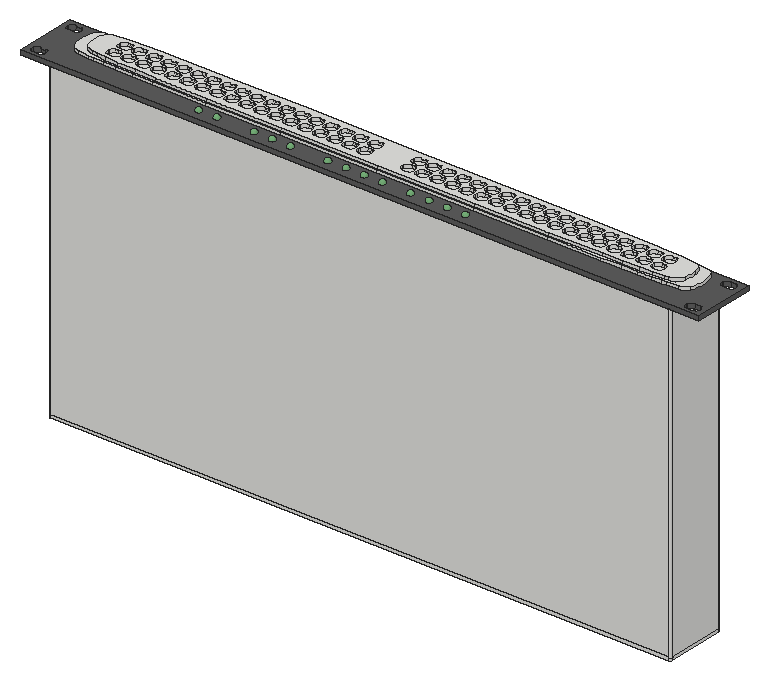
Revit family "Electronics_Expansion-Inputs_Biamp_Vocia_Voice-Over-IP-Interface_VOIP-1__", category Communication Devices, host Face, Revit 2020
Family settings
  Host = Face
  Maintain Annotation Orientation = No
  Round Connector Dimension = Use Diameter
  Part Type = Normal
  OmniClass Number = 23.85.10.11.14
  OmniClass Title = Audio Equipment
  Cut with Voids When Loaded = No
  Shared = No
  Room Calculation Point = No
Parameters (values of type "VOIP-1")
  Width = 19.02"  # constant formula
  Weight = 2.40 lbf  # constant formula
  Voltage = 24 V
  Supported Codecs = "G.711µ G.711A G.722 G.729AB  G.723.1"  # constant formula
  Sample Rate = "8kHz – 16kHz"  # constant formula
  Frequency Response = "Codec Dependen"  # constant formula
  URL = "https://www.biamp.com/"
  Temperature Range = "18 - 108° F (-8  –  42° C)"  # constant formula
  QoS = "Tos (RFC 791) 802.1 p/q"  # constant formula
  Product data url = "https://www.bimobject.com/biamp/product/vocia-voip-1_expansion-input"
  Product Page URL = "https://www.biamp.com/products/product-families/vocia/vocia-expansion-inputs#vocia-voip-1"
  Product Documentation Link = "https://downloads.biamp.com/assets/docs/default-source/data-sheets/biamp_data_sheet_vocia_voip-1_oct18.pdf"
  Power Factor = 1
  Number of Poles = 1
  Network Connection = "Dual RJ-45 with shielded Ethernet (CAT5, CAT5e, CAT6, or CAT7)"  # constant formula
  Network Audio = "20-bits, 48kHz, 5-1/3ms (fixed)"  # constant formula
  Model = "Vocia VOIP-1"  # constant formula
  Max Power Consumption = 30 W
  Manufacturer = "Biamp"  # constant formula
  IP Address Assignment = "Static or DHCP"  # constant formula
  Humidity = "0-95% relative humidity (non-condensing)"  # constant formula
  Housing Material = Biamp - Metal - Silver
  Height = 1.73"  # constant formula
  Features = "SIP v2 (RFC 3261 and companion RFCs) SIP Authentication"  # constant formula
  Description = "Vocia® VOIP-1 Voice Over IP Interface"  # constant formula
  Depth = 8.98"  # constant formula
  Default Elevation = 48.00"
  Connector Description = "24V DC; <100mV Ripple (Max 30W)"  # constant formula
  Compliance = "FCC Part 15B (USA) CE marked (Europe) RCM (Australia) EAC (Eurasian Customs Union) RoHS Directive (Europe)"  # constant formula
  Assembly Code = ""
  Apparent Load = Max Power Consumption / Power Factor  # 30 VA
  Altitude = "0-10,000 ft (0-3000m) MSL"  # constant formula
Reference planes (in)
  plane 1 "Center (Front/Back)": y = 0
  plane 2: z = 0
  plane 3 "Center (Left/Right)": x = 0
  plane 4: z = 0
  plane 5: y = 0.62232
  plane 6: x = 18.34401
  plane 7: y = -0.62232
Dimensions and locks (in)
  plane 4 to level = 0.00"
  aligned and locked: plane 2 to host face
  aligned and locked: level to host face
Nested families (in)
  nested 1: "VOIP-1" at (9.17372, -0.865, -4.35039) x (1, 0, 0) z (0, 1, 0), type "VOIP-1"
Connectors (in)
  electrical at (17.27312, 0.01528, -8.74016)
    settings: on nested 1, index 1, voltage 0 V, apparent load 0 VA, apparent load phase1 0 VA, apparent load phase2 0 VA, apparent load phase3 0 VA, power factor 1, load classification "Other", number of poles 1, system type 5, power factor state 1, is connector primary yes, connector utility no, sub classification motor no, connector description "GND"
  electrical at (14.76312, -0.33882, -8.74016), driven by "Connector Description", driven by "Power Factor", driven by "Apparent Load", driven by "Voltage", driven by "Number of Poles"
    settings: on nested 1, index 2, voltage 24 V, apparent load 30 VA, apparent load phase1 0 VA, apparent load phase2 0 VA, apparent load phase3 0 VA, power factor 1, load classification "Other", number of poles 1, system type 30, power factor state 1, is connector primary no, connector utility no, sub classification motor no, connector description "24V DC; <100mV Ripple (Max 30W)"
  electrical at (13.57437, -0.27383, -8.74016)
    settings: on nested 1, index 3, voltage 0 V, apparent load 0 VA, apparent load phase1 0 VA, apparent load phase2 0 VA, apparent load phase3 0 VA, power factor 1, load classification "Other", number of poles 1, system type 5, power factor state 1, is connector primary no, connector utility no, sub classification motor no, connector description "RJ-45; Primary"
  electrical at (12.88857, -0.27383, -8.74016)
    settings: on nested 1, index 4, voltage 0 V, apparent load 0 VA, apparent load phase1 0 VA, apparent load phase2 0 VA, apparent load phase3 0 VA, power factor 1, load classification "Other", number of poles 1, system type 5, power factor state 1, is connector primary no, connector utility no, sub classification motor no, connector description "RJ-45; Secondary"
  electrical at (10.57312, 0.35119, -8.74016)
    settings: on nested 1, index 7, voltage 0 V, apparent load 0 VA, apparent load phase1 0 VA, apparent load phase2 0 VA, apparent load phase3 0 VA, power factor 1, load classification "Other", number of poles 1, system type 5, power factor state 1, is connector primary no, connector utility no, sub classification motor no, connector description "VoIP 1 Line 1/Line 2"
  electrical at (6.63611, 0.35117, -8.74016)
    settings: on nested 1, index 8, voltage 0 V, apparent load 0 VA, apparent load phase1 0 VA, apparent load phase2 0 VA, apparent load phase3 0 VA, power factor 1, load classification "Other", number of poles 1, system type 5, power factor state 1, is connector primary no, connector utility no, sub classification motor no, connector description "VoIP 2 Line 3/Line 4"
Definition of nested family "VOIP-1"
  Parameters (values of type "VOIP-1")
    Width = 19.01575"
    VOIP-1 visible panel back = yes
    URL = ""
    POTS-1 visible panel back = no
    Model = ""
    Material Table Mount = none
    Material Case = none
    Material 3 = none
    Material 2 = none
    Material 1 = none
    Manufacturer = ""
    Height = 1.73228"
    Description = ""
    Depth = 8.97638"
    Default Elevation = 48.00"
    Assembly Code = ""
  Reference planes (in)
    plane 1 "Center (Front/Back)": y = 0
    plane 2: z = 0
    plane 3 "Center (Left/Right)": x = 0
    plane 4: x = -9.50787
    plane 5: x = 9.50787
    plane 6: y = -4.4685
    plane 7 "1": y = 4.4685
    plane 8: z = 1.73228
    plane 9: z = 0
    plane 10: y = -4.35039
    plane 11: y = -4.50787
    plane 12: x = -8.71061
    plane 13: x = 8.72047
    plane 14: y = -4.42913
    plane 15: y = 4.38976
    plane 16: z = 0.32949
  Forms (in)
    Extrusion 1, solid
      sketch origin (0, 0, 0) x (1, 0, 0) y (0, 1, 0)
        loop
          line (-48, 48) -> (-48, -48) -> (48, -48) -> (48, 48) -> (-48, 48)
      from 0 to -12
    Extrusion 2, solid, material <- "Material Table Mount", detail levels fine
      sketch origin (0, 0, 0) x (1, 0, 0) y (0, 1, 0)
        loop
          line (-9.50787, -4.35039) -> (-9.50787, -4.4685) -> (9.50787, -4.4685) -> (9.50787, -4.35039) -> (-9.50787, -4.35039)
      from 0 to 1.73228
    Extrusion 3, void
      sketch origin (0, 0, 0) x (1, 0, 0) y (0, 0, 1)
        loop
          line (-9.10472, 1.62129) -> (-9.24272, 1.62129)
          arc (-9.24272, 1.62129) -> (-9.32884, 1.58996) -> (-9.37469, 1.51063) r 0.13402
          line (-9.37469, 1.51063) -> (-9.37469, 1.46401)
          arc (-9.37469, 1.46401) -> (-9.32886, 1.38463) -> (-9.24272, 1.35329) r 0.13401
          line (-9.24272, 1.35329) -> (-9.10472, 1.35329)
          arc (-9.10472, 1.35329) -> (-9.0186, 1.38463) -> (-8.97276, 1.46401) r 0.134
          line (-8.97276, 1.46401) -> (-8.97276, 1.51054)
          arc (-8.97276, 1.51054) -> (-9.01859, 1.58993) -> (-9.10472, 1.62129) r 0.13399
        loop
          line (-9.10472, 0.37129) -> (-9.24272, 0.37129)
          arc (-9.24272, 0.37129) -> (-9.32886, 0.33993) -> (-9.37469, 0.26054) r 0.13401
          line (-9.37469, 0.26054) -> (-9.37469, 0.21401)
          arc (-9.37469, 0.21401) -> (-9.32886, 0.13463) -> (-9.24272, 0.10329) r 0.13401
          line (-9.24272, 0.10329) -> (-9.10472, 0.10329)
          arc (-9.10472, 0.10329) -> (-9.0186, 0.13463) -> (-8.97276, 0.21401) r 0.134
          line (-8.97276, 0.21401) -> (-8.97276, 0.26054)
          arc (-8.97276, 0.26054) -> (-9.01859, 0.33993) -> (-9.10472, 0.37129) r 0.13399
        loop
          line (9.23929, 1.62129) -> (9.10129, 1.62129)
          arc (9.10129, 1.62129) -> (9.01516, 1.58993) -> (8.96933, 1.51054) r 0.13399
          line (8.96933, 1.51054) -> (8.96933, 1.46401)
          arc (8.96933, 1.46401) -> (9.01516, 1.38463) -> (9.10129, 1.35329) r 0.134
          line (9.10129, 1.35329) -> (9.23929, 1.35329)
          arc (9.23929, 1.35329) -> (9.32541, 1.38463) -> (9.37124, 1.46401) r 0.134
          line (9.37124, 1.46401) -> (9.37124, 1.51054)
          arc (9.37124, 1.51054) -> (9.32542, 1.58993) -> (9.23929, 1.62129) r 0.13399
        loop
          line (9.23929, 0.37129) -> (9.10129, 0.37129)
          arc (9.10129, 0.37129) -> (9.01516, 0.33993) -> (8.96933, 0.26054) r 0.13399
          line (8.96933, 0.26054) -> (8.96933, 0.21401)
          arc (8.96933, 0.21401) -> (9.01516, 0.13463) -> (9.10129, 0.10329) r 0.134
          line (9.10129, 0.10329) -> (9.23929, 0.10329)
          arc (9.23929, 0.10329) -> (9.32541, 0.13463) -> (9.37124, 0.21401) r 0.134
          line (9.37124, 0.21401) -> (9.37124, 0.26054)
          arc (9.37124, 0.26054) -> (9.32542, 0.33993) -> (9.23929, 0.37129) r 0.13399
      from 4.35039 to 4.4685
    Revolve 4, solid, material <- "Material 2", detail levels fine
      sketch origin (-1.33507, 0, 0.32949) x (-1, 0, 0) y (0, -1, 0)
        loop
          arc (0.94198, 4.4685) -> (0.86324, 4.54724) -> (0.7845, 4.4685) r 0.07874
          line (0.7845, 4.4685) -> (0.94198, 4.4685)
        loop
          arc (1.45383, 4.4685) -> (1.37509, 4.54724) -> (1.29635, 4.4685) r 0.07874
          line (1.29635, 4.4685) -> (1.45383, 4.4685)
        loop
          arc (1.96554, 4.4685) -> (1.8868, 4.54724) -> (1.80806, 4.4685) r 0.07874
          line (1.80806, 4.4685) -> (1.96554, 4.4685)
        loop
          arc (3.00877, 4.4685) -> (2.93003, 4.54724) -> (2.85129, 4.4685) r 0.07874
          line (2.85129, 4.4685) -> (3.00877, 4.4685)
        loop
          arc (3.52117, 4.4685) -> (3.44243, 4.54724) -> (3.36369, 4.4685) r 0.07874
          line (3.36369, 4.4685) -> (3.52117, 4.4685)
        loop
          arc (-0.10114, 4.4685) -> (-0.17988, 4.54724) -> (-0.25862, 4.4685) r 0.07874
          line (-0.25862, 4.4685) -> (-0.10114, 4.4685)
        loop
          arc (-0.61303, 4.4685) -> (-0.69177, 4.54724) -> (-0.77051, 4.4685) r 0.07874
          line (-0.77051, 4.4685) -> (-0.61303, 4.4685)
        loop
          arc (-1.12492, 4.4685) -> (-1.20366, 4.54724) -> (-1.2824, 4.4685) r 0.07874
          line (-1.2824, 4.4685) -> (-1.12492, 4.4685)
        loop
          arc (-1.63689, 4.4685) -> (-1.71563, 4.54724) -> (-1.79437, 4.4685) r 0.07874
          line (-1.79437, 4.4685) -> (-1.63689, 4.4685)
        loop
          arc (-2.42391, 4.4685) -> (-2.50265, 4.54724) -> (-2.58139, 4.4685) r 0.07874
          line (-2.58139, 4.4685) -> (-2.42391, 4.4685)
        loop
          arc (-2.93585, 4.4685) -> (-3.01459, 4.54724) -> (-3.09333, 4.4685) r 0.07874
          line (-3.09333, 4.4685) -> (-2.93585, 4.4685)
        loop
          arc (-3.44779, 4.4685) -> (-3.52653, 4.54724) -> (-3.60527, 4.4685) r 0.07874
          line (-3.60527, 4.4685) -> (-3.44779, 4.4685)
        loop
          arc (-3.96012, 4.4685) -> (-4.03886, 4.54724) -> (-4.1176, 4.4685) r 0.07874
          line (-4.1176, 4.4685) -> (-3.96012, 4.4685)
        axis (3.52117, 4.4685) -> (-4.1176, 4.4685)
      angle from 450 to 270
    Extrusion 5, solid, material <- "Material Case", visible <- "POTS-1 visible panel back", detail levels fine
      sketch origin (0, 0, 0) x (1, 0, 0) y (0, 0, 1)
        loop
          line (8.66142, 1.73228) -> (-8.65156, 1.73228)
          arc (-8.65156, 1.73228) -> (-8.69332, 1.71499) -> (-8.71061, 1.67323) r 0.05906
          line (-8.71061, 1.67323) -> (-8.71061, 0.05906)
          arc (-8.71061, 0.05906) -> (-8.69332, 0.0173) -> (-8.65156, 0) r 0.05906
          line (-8.65156, 0) -> (8.66141, 0)
          arc (8.66141, 0) -> (8.70317, 0.0173) -> (8.72047, 0.05906) r 0.05906
          line (8.72047, 0.05906) -> (8.72047, 1.67323)
          arc (8.72047, 1.67323) -> (8.70318, 1.71499) -> (8.66142, 1.73228) r 0.05906
      from -4.4685 to -4.38976
    Extrusion 6, void, detail levels fine
      sketch origin (0, 0, 0) x (1, 0, 0) y (0, 0, 1)
        loop
          line (-4.89872, 0.94325) -> (-4.31873, 0.94325) -> (-4.31873, 1.52324) -> (-4.89872, 1.52324) -> (-4.89872, 0.94325)
        loop
          line (-4.19874, 0.94325) -> (-3.61872, 0.94325) -> (-3.61872, 1.52324) -> (-4.19874, 1.52324) -> (-4.19874, 0.94325)
        loop
          line (-3.19874, 0.94325) -> (-2.61872, 0.94325) -> (-2.61872, 1.52324) -> (-3.19874, 1.52324) -> (-3.19874, 0.94325)
        loop
          line (-2.49874, 1.52324) -> (-2.49874, 0.94325) -> (-1.91875, 0.94325) -> (-1.91875, 1.52324) -> (-2.49874, 1.52324)
        loop
          line (-0.96174, 0.94325) -> (-0.38172, 0.94325) -> (-0.38172, 1.52324) -> (-0.96174, 1.52324) -> (-0.96174, 0.94325)
        loop
          line (-0.26174, 0.94325) -> (0.31827, 0.94325) -> (0.31827, 1.52324) -> (-0.26174, 1.52324) -> (-0.26174, 0.94325)
        loop
          line (0.73827, 1.52324) -> (0.73827, 0.94325) -> (1.31827, 0.94325) -> (1.31827, 1.52324) -> (0.73827, 1.52324)
        loop
          line (2.01827, 0.94325) -> (2.01827, 1.52324) -> (1.43827, 1.52324) -> (1.43827, 0.94325) -> (2.01827, 0.94325)
        loop
          line (4.64863, 0.82842) -> (4.07776, 0.82842) -> (4.07776, 0.43473) -> (4.64863, 0.43473) -> (4.64863, 0.82842)
        loop
          line (4.0187, 0.82842) -> (3.44784, 0.82842) -> (3.44784, 0.43473) -> (4.0187, 0.43473) -> (4.0187, 0.82842)
        loop
          line (5.17327, 0.75325) -> (5.17327, 0.30325) -> (6.02327, 0.30325) -> (6.02327, 0.75325) -> (5.17327, 0.75325)
        loop
          circle (8.10881, 0.88244) r 0.16554
        loop
          circle (1.59783, 0.51028) r 0.21805
        loop
          circle (2.06829, 0.51028) r 0.21805
      from -4.4685 to -4.38976
    Extrusion 7, solid, material <- "Material Table Mount", detail levels coarse+medium
      sketch origin (0, 0, 0) x (1, 0, 0) y (0, 1, 0)
        loop
          line (-9.50787, -4.4685) -> (9.50787, -4.4685) -> (9.50787, -4.35039) -> (-9.50787, -4.35039) -> (-9.50787, -4.4685)
      from 0 to 1.73228
    Extrusion 8, solid, material <- "Material Case", detail levels medium
      sketch origin (0, 0, 0) x (1, 0, 0) y (0, 0, 1)
        loop
          arc (-8.65202, 1.73228) -> (-8.69345, 1.71512) -> (-8.71061, 1.67369) r 0.05859
          line (-8.71061, 1.67369) -> (-8.71061, 0.05859)
          arc (-8.71061, 0.05859) -> (-8.69345, 0.01716) -> (-8.65202, 0) r 0.05859
          line (-8.65202, 0) -> (8.66188, 0)
          arc (8.66188, 0) -> (8.70331, 0.01716) -> (8.72047, 0.05859) r 0.05859
          line (8.72047, 0.05859) -> (8.72047, 1.67369)
          arc (8.72047, 1.67369) -> (8.70331, 1.71512) -> (8.66188, 1.73228) r 0.05859
          line (8.66188, 1.73228) -> (-8.65202, 1.73228)
      from -4.4685 to 4.35039
    Extrusion 9, solid, material <- "Material Case", detail levels coarse
      sketch origin (0, 0, 0) x (1, 0, 0) y (0, 1, 0)
        loop
          line (-8.71061, 4.4685) -> (-8.71061, -4.35039) -> (8.72047, -4.35039) -> (8.72047, 4.4685) -> (-8.71061, 4.4685)
      from 0 to 1.73228
    Extrusion 10, solid, material <- "Material Case", detail levels fine
      sketch origin (0, 0, 0) x (1, 0, 0) y (0, 0, 1)
        loop
          line (8.66142, 1.73228) -> (-8.65156, 1.73228)
          arc (-8.65156, 1.73228) -> (-8.69332, 1.71499) -> (-8.71061, 1.67323) r 0.05906
          line (-8.71061, 1.67323) -> (-8.71061, 0.05906)
          arc (-8.71061, 0.05906) -> (-8.69332, 0.0173) -> (-8.65156, 0) r 0.05906
          line (-8.65156, 0) -> (8.66188, 0)
          arc (8.66188, 0) -> (8.70331, 0.01716) -> (8.72047, 0.05859) r 0.05859
          line (8.72047, 0.05859) -> (8.72047, 1.67323)
          arc (8.72047, 1.67323) -> (8.70318, 1.71499) -> (8.66142, 1.73228) r 0.05906
      from -4.38976 to 4.35039
    Extrusion 11, solid, material <- "Material Case", visible <- "VOIP-1 visible panel back", detail levels fine
      sketch origin (0, 0, 0) x (1, 0, 0) y (0, 0, 1)
        loop
          line (8.72047, 0.05859) -> (8.72047, 1.67323)
          arc (8.72047, 1.67323) -> (8.70318, 1.71499) -> (8.66142, 1.73228) r 0.05906
          line (8.66142, 1.73228) -> (-8.65156, 1.73228)
          arc (-8.65156, 1.73228) -> (-8.69332, 1.71499) -> (-8.71061, 1.67323) r 0.05906
          line (-8.71061, 1.67323) -> (-8.71061, 0.05906)
          arc (-8.71061, 0.05906) -> (-8.69332, 0.0173) -> (-8.65156, 0) r 0.05906
          line (-8.65156, 0) -> (8.66188, 0)
          arc (8.66188, 0) -> (8.70331, 0.01716) -> (8.72047, 0.05859) r 0.05859
      from -4.4685 to -4.38976
    Extrusion 12, void, detail levels fine
      sketch origin (0, 4.4685, 0) x (1, 0, 0) y (0, 0, 1)
        loop
          line (6.0144, 0.75118) -> (5.1644, 0.75118) -> (5.1644, 0.30117) -> (6.0144, 0.30117) -> (6.0144, 0.75118)
        loop
          arc (7.93404, 0.88028) -> (7.98243, 0.76329) -> (8.0994, 0.71486) r 0.16527
          arc (8.0994, 0.71486) -> (8.21641, 0.76333) -> (8.26475, 0.88041) r 0.16527
          arc (8.26475, 0.88041) -> (8.21629, 0.99724) -> (8.0994, 1.04559) r 0.16525
          arc (8.0994, 1.04559) -> (7.98246, 0.9972) -> (7.93404, 0.88028) r 0.16526
        loop
          line (4.6994, 0.88117) -> (4.1019, 0.88117) -> (4.1019, 0.30117) -> (4.6994, 0.30117) -> (4.6994, 0.88117)
        loop
          line (3.3794, 0.88117) -> (3.3794, 0.30117) -> (4.05028, 0.30117) -> (4.05028, 0.88117) -> (3.3794, 0.88117)
        loop
          arc (2.0594, 0.72668) -> (1.90581, 0.66367) -> (1.84092, 0.51086) r 0.21837
          arc (1.84092, 0.51086) -> (1.90392, 0.35459) -> (2.0594, 0.28967) r 0.21838
          arc (2.0594, 0.28967) -> (2.21425, 0.35395) -> (2.2779, 0.50906) r 0.21838
          arc (2.2779, 0.50906) -> (2.21363, 0.66303) -> (2.0594, 0.72668) r 0.21838
        loop
          arc (1.5894, 0.72668) -> (1.43545, 0.66331) -> (1.37091, 0.50983) r 0.21837
          arc (1.37091, 0.50983) -> (1.43428, 0.35422) -> (1.5894, 0.28967) r 0.21837
          arc (1.5894, 0.28967) -> (1.74532, 0.35503) -> (1.80787, 0.5121) r 0.21839
          arc (1.80787, 0.5121) -> (1.74255, 0.6641) -> (1.5894, 0.72668) r 0.21838
        loop
          line (1.7494, 1.49117) -> (1.0494, 1.49123) -> (1.0494, 0.94118) -> (1.7494, 0.94118) -> (1.7494, 1.49117)
        loop
          line (-2.88761, 1.49117) -> (-2.88761, 0.94118) -> (-2.1876, 0.94118) -> (-2.1876, 1.49117) -> (-2.88761, 1.49117)
      from 0 to 0.07874
    Extrusion 13, solid, material <- "Material 1", detail levels medium+fine
      sketch origin (0.00019, 0.5315, 0) x (1, 0, 0) y (0, 0, 1)
        loop
          spline (-8.64077, 1.5063) -> (-8.65735, 1.45449) -> (-8.67111, 1.39928) -> (-8.68189, 1.34132) -> (-8.68957, 1.2813) -> (-8.69405, 1.21991) -> (-8.69529, 1.15789) -> (-8.69326, 1.09595) -> (-8.688, 1.03483) -> (-8.67956, 0.97524) -> (-8.66804, 0.91788) -> (-8.65359, 0.86344) -> (-8.63636, 0.81254)
          arc (-8.63636, 0.81254) -> (-8.53568, 0.71131) -> (-8.3997, 0.66781) r 0.30126
          line (-8.3997, 0.66781) -> (-8.09718, 0.64647) -> (-7.96202, 0.63909) -> (-7.67946, 0.629) -> (-7.31432, 0.62036) -> (-6.85355, 0.61315) -> (-6.28557, 0.6074) -> (-4.78587, 0.59874) -> (-2.72254, 0.59296) -> (0.00007, 0.59153) -> (2.72124, 0.59296) -> (4.78457, 0.59874) -> (6.28425, 0.6074) -> (6.85225, 0.61315) -> (7.31301, 0.62036) -> (7.67815, 0.629) -> (7.96073, 0.63909) -> (8.10159, 0.64678) -> (8.3997, 0.66781)
          arc (8.3997, 0.66781) -> (8.53568, 0.71131) -> (8.63636, 0.81254) r 0.30126
          spline (8.63636, 0.81254) -> (8.65359, 0.86344) -> (8.66804, 0.91788) -> (8.67956, 0.97524) -> (8.688, 1.03483) -> (8.69326, 1.09595) -> (8.69529, 1.15789) -> (8.69405, 1.21991) -> (8.68957, 1.2813) -> (8.68189, 1.34132) -> (8.67111, 1.39928) -> (8.65735, 1.45449) -> (8.64077, 1.5063)
          arc (8.64077, 1.5063) -> (8.53939, 1.61277) -> (8.3997, 1.65858) r 0.30126
          line (8.3997, 1.65858) -> (8.09857, 1.67982) -> (7.96202, 1.68728) -> (7.67946, 1.69738) -> (7.31432, 1.70603) -> (6.85355, 1.71324) -> (6.28557, 1.71901) -> (4.78587, 1.72765) -> (2.72254, 1.73341) -> (0, 1.73341) -> (-2.72254, 1.73341) -> (-4.78587, 1.72765) -> (-6.28557, 1.71901) -> (-6.85355, 1.71324) -> (-7.31432, 1.70603) -> (-7.67946, 1.69738) -> (-7.96202, 1.68728) -> (-8.09857, 1.67982) -> (-8.3997, 1.65858)
          arc (-8.3997, 1.65858) -> (-8.53939, 1.61277) -> (-8.64077, 1.5063) r 0.30126
      from 5 to 5.07874
    Extrusion 14, solid, material <- "Material 1", detail levels medium+fine
      sketch origin (0.00019, 0.37402, 0) x (1, 0, 0) y (0, 0, 1)
        loop
          spline (-8.37154, 1.29486) -> (-8.37332, 1.26859) -> (-8.37451, 1.24218) -> (-8.37511, 1.21568) -> (-8.37511, 1.18916) -> (-8.37452, 1.16266) -> (-8.37333, 1.13625) -> (-8.37155, 1.10998) -> (-8.36918, 1.08391) -> (-8.36623, 1.05809) -> (-8.36271, 1.03258) -> (-8.35862, 1.00744) -> (-8.35396, 0.98271)
          arc (-8.35396, 0.98271) -> (-8.25757, 0.81591) -> (-8.07982, 0.74163) r 0.30126
          line (-8.07982, 0.74163) -> (-7.95889, 0.72678) -> (-7.67889, 0.69972) -> (-7.31401, 0.68698) -> (-6.85337, 0.67739) -> (-6.28549, 0.66748) -> (-4.78587, 0.64526) -> (-2.72254, 0.63949) -> (0.00007, 0.63805) -> (2.72124, 0.63949) -> (4.78457, 0.64526) -> (6.27228, 0.66588) -> (6.83902, 0.6729) -> (7.31292, 0.68465) -> (7.67104, 0.69942) -> (7.95889, 0.72678) -> (8.07982, 0.74163)
          arc (8.07982, 0.74163) -> (8.25757, 0.81591) -> (8.35396, 0.98271) r 0.30126
          spline (8.35396, 0.98271) -> (8.35862, 1.00744) -> (8.36271, 1.03258) -> (8.36623, 1.05809) -> (8.36918, 1.08391) -> (8.37155, 1.10998) -> (8.37333, 1.13625) -> (8.37452, 1.16266) -> (8.37511, 1.18916) -> (8.37511, 1.21568) -> (8.37451, 1.24218) -> (8.37332, 1.26859) -> (8.37154, 1.29486)
          arc (8.37154, 1.29486) -> (8.2982, 1.49367) -> (8.1122, 1.5952) r 0.30168
          line (8.1122, 1.5952) -> (7.92694, 1.62145) -> (7.67897, 1.63879) -> (7.32026, 1.65132) -> (6.85311, 1.66718) -> (6.28557, 1.68133) -> (4.78587, 1.68997) -> (2.72254, 1.69573) -> (0, 1.69573) -> (-2.72254, 1.69573) -> (-4.78587, 1.68997) -> (-6.28557, 1.67233) -> (-6.84373, 1.66574) -> (-7.31432, 1.65042) -> (-7.67946, 1.63496) -> (-7.92694, 1.62145) -> (-8.1122, 1.5952)
          arc (-8.1122, 1.5952) -> (-8.2982, 1.49367) -> (-8.37154, 1.29486) r 0.30168
        loop
          arc (-7.46372, 1.36914) -> (-7.50281, 1.46352) -> (-7.5972, 1.50262) r 0.13348
          line (-7.5972, 1.50262) -> (-7.68831, 1.50262)
          arc (-7.68831, 1.50262) -> (-7.78269, 1.46352) -> (-7.82179, 1.36914) r 0.13348
          line (-7.82179, 1.36914) -> (-7.82179, 1.32816)
          arc (-7.82179, 1.32816) -> (-7.78088, 1.22938) -> (-7.68211, 1.18847) r 0.13968
          line (-7.68211, 1.18847) -> (-7.6034, 1.18847)
          arc (-7.6034, 1.18847) -> (-7.50463, 1.22938) -> (-7.46372, 1.32816) r 0.13968
          line (-7.46372, 1.32816) -> (-7.46372, 1.36914)
        loop
          arc (-7.05847, 1.36914) -> (-7.09756, 1.46352) -> (-7.19195, 1.50262) r 0.13348
          line (-7.19195, 1.50262) -> (-7.28306, 1.50262)
          arc (-7.28306, 1.50262) -> (-7.37744, 1.46352) -> (-7.41654, 1.36914) r 0.13348
          line (-7.41654, 1.36914) -> (-7.41654, 1.32816)
          arc (-7.41654, 1.32816) -> (-7.37563, 1.22938) -> (-7.27685, 1.18847) r 0.13968
          line (-7.27685, 1.18847) -> (-7.19815, 1.18847)
          arc (-7.19815, 1.18847) -> (-7.09938, 1.22938) -> (-7.05847, 1.32816) r 0.13968
          line (-7.05847, 1.32816) -> (-7.05847, 1.36914)
        loop
          arc (-6.64583, 1.36914) -> (-6.68492, 1.46352) -> (-6.77931, 1.50262) r 0.13348
          line (-6.77931, 1.50262) -> (-6.87042, 1.50262)
          arc (-6.87042, 1.50262) -> (-6.96481, 1.46352) -> (-7.0039, 1.36914) r 0.13348
          line (-7.0039, 1.36914) -> (-7.0039, 1.32816)
          arc (-7.0039, 1.32816) -> (-6.96299, 1.22938) -> (-6.86422, 1.18847) r 0.13968
          line (-6.86422, 1.18847) -> (-6.78551, 1.18847)
          arc (-6.78551, 1.18847) -> (-6.68674, 1.22938) -> (-6.64583, 1.32816) r 0.13968
          line (-6.64583, 1.32816) -> (-6.64583, 1.36914)
        loop
          arc (-6.22965, 1.36914) -> (-6.26875, 1.46352) -> (-6.36313, 1.50262) r 0.13348
          line (-6.36313, 1.50262) -> (-6.45424, 1.50262)
          arc (-6.45424, 1.50262) -> (-6.54863, 1.46352) -> (-6.58773, 1.36914) r 0.13348
          line (-6.58773, 1.36914) -> (-6.58773, 1.32816)
          arc (-6.58773, 1.32816) -> (-6.54681, 1.22938) -> (-6.44804, 1.18847) r 0.13968
          line (-6.44804, 1.18847) -> (-6.36934, 1.18847)
          arc (-6.36934, 1.18847) -> (-6.27057, 1.22938) -> (-6.22965, 1.32816) r 0.13968
          line (-6.22965, 1.32816) -> (-6.22965, 1.36914)
        loop
          arc (-5.81739, 1.36914) -> (-5.85649, 1.46352) -> (-5.95088, 1.50262) r 0.13348
          line (-5.95088, 1.50262) -> (-6.04199, 1.50262)
          arc (-6.04199, 1.50262) -> (-6.13637, 1.46352) -> (-6.17547, 1.36914) r 0.13348
          line (-6.17547, 1.36914) -> (-6.17547, 1.32816)
          arc (-6.17547, 1.32816) -> (-6.13455, 1.22938) -> (-6.03578, 1.18847) r 0.13968
          line (-6.03578, 1.18847) -> (-5.95708, 1.18847)
          arc (-5.95708, 1.18847) -> (-5.85831, 1.22938) -> (-5.81739, 1.32816) r 0.13968
          line (-5.81739, 1.32816) -> (-5.81739, 1.36914)
        loop
          arc (-5.40456, 1.36914) -> (-5.44365, 1.46352) -> (-5.53804, 1.50262) r 0.13348
          line (-5.53804, 1.50262) -> (-5.62915, 1.50262)
          arc (-5.62915, 1.50262) -> (-5.72354, 1.46352) -> (-5.76263, 1.36914) r 0.13348
          line (-5.76263, 1.36914) -> (-5.76263, 1.32816)
          arc (-5.76263, 1.32816) -> (-5.72172, 1.22938) -> (-5.62295, 1.18847) r 0.13968
          line (-5.62295, 1.18847) -> (-5.54424, 1.18847)
          arc (-5.54424, 1.18847) -> (-5.44547, 1.22938) -> (-5.40456, 1.32816) r 0.13968
          line (-5.40456, 1.32816) -> (-5.40456, 1.36914)
        loop
          arc (-4.99172, 1.36914) -> (-5.03081, 1.46352) -> (-5.1252, 1.50262) r 0.13348
          line (-5.1252, 1.50262) -> (-5.21631, 1.50262)
          arc (-5.21631, 1.50262) -> (-5.31069, 1.46352) -> (-5.34979, 1.36914) r 0.13348
          line (-5.34979, 1.36914) -> (-5.34979, 1.32816)
          arc (-5.34979, 1.32816) -> (-5.30888, 1.22938) -> (-5.21011, 1.18847) r 0.13968
          line (-5.21011, 1.18847) -> (-5.1314, 1.18847)
          arc (-5.1314, 1.18847) -> (-5.03263, 1.22938) -> (-4.99172, 1.32816) r 0.13968
          line (-4.99172, 1.32816) -> (-4.99172, 1.36914)
        loop
          arc (-4.57541, 1.36914) -> (-4.61451, 1.46352) -> (-4.70889, 1.50262) r 0.13348
          line (-4.70889, 1.50262) -> (-4.8, 1.50262)
          arc (-4.8, 1.50262) -> (-4.89439, 1.46352) -> (-4.93348, 1.36914) r 0.13348
          line (-4.93348, 1.36914) -> (-4.93348, 1.32816)
          arc (-4.93348, 1.32816) -> (-4.89257, 1.22938) -> (-4.7938, 1.18847) r 0.13968
          line (-4.7938, 1.18847) -> (-4.71509, 1.18847)
          arc (-4.71509, 1.18847) -> (-4.61632, 1.22938) -> (-4.57541, 1.32816) r 0.13968
          line (-4.57541, 1.32816) -> (-4.57541, 1.36914)
        loop
          arc (-4.16257, 1.36914) -> (-4.20167, 1.46352) -> (-4.29606, 1.50262) r 0.13348
          line (-4.29606, 1.50262) -> (-4.38717, 1.50262)
          arc (-4.38717, 1.50262) -> (-4.48155, 1.46352) -> (-4.52065, 1.36914) r 0.13348
          line (-4.52065, 1.36914) -> (-4.52065, 1.32816)
          arc (-4.52065, 1.32816) -> (-4.47973, 1.22938) -> (-4.38096, 1.18847) r 0.13968
          line (-4.38096, 1.18847) -> (-4.30226, 1.18847)
          arc (-4.30226, 1.18847) -> (-4.20349, 1.22938) -> (-4.16257, 1.32816) r 0.13968
          line (-4.16257, 1.32816) -> (-4.16257, 1.36914)
        loop
          arc (-3.7532, 1.36914) -> (-3.7923, 1.46352) -> (-3.88669, 1.50262) r 0.13348
          line (-3.88669, 1.50262) -> (-3.9778, 1.50262)
          arc (-3.9778, 1.50262) -> (-4.07218, 1.46352) -> (-4.11128, 1.36914) r 0.13348
          line (-4.11128, 1.36914) -> (-4.11128, 1.32816)
          arc (-4.11128, 1.32816) -> (-4.07036, 1.22938) -> (-3.97159, 1.18847) r 0.13968
          line (-3.97159, 1.18847) -> (-3.89289, 1.18847)
          arc (-3.89289, 1.18847) -> (-3.79412, 1.22938) -> (-3.7532, 1.32816) r 0.13968
          line (-3.7532, 1.32816) -> (-3.7532, 1.36914)
        loop
          arc (-3.34036, 1.36914) -> (-3.37946, 1.46352) -> (-3.47384, 1.50262) r 0.13348
          line (-3.47384, 1.50262) -> (-3.56495, 1.50262)
          arc (-3.56495, 1.50262) -> (-3.65934, 1.46352) -> (-3.69843, 1.36914) r 0.13348
          line (-3.69843, 1.36914) -> (-3.69843, 1.32816)
          arc (-3.69843, 1.32816) -> (-3.65752, 1.22938) -> (-3.55875, 1.18847) r 0.13968
          line (-3.55875, 1.18847) -> (-3.48005, 1.18847)
          arc (-3.48005, 1.18847) -> (-3.38127, 1.22938) -> (-3.34036, 1.32816) r 0.13968
          line (-3.34036, 1.32816) -> (-3.34036, 1.36914)
        loop
          arc (-2.92405, 1.36914) -> (-2.96315, 1.46352) -> (-3.05754, 1.50262) r 0.13348
          line (-3.05754, 1.50262) -> (-3.14865, 1.50262)
          arc (-3.14865, 1.50262) -> (-3.24303, 1.46352) -> (-3.28213, 1.36914) r 0.13348
          line (-3.28213, 1.36914) -> (-3.28213, 1.32816)
          arc (-3.28213, 1.32816) -> (-3.24121, 1.22938) -> (-3.14244, 1.18847) r 0.13968
          line (-3.14244, 1.18847) -> (-3.06374, 1.18847)
          arc (-3.06374, 1.18847) -> (-2.96497, 1.22938) -> (-2.92405, 1.32816) r 0.13968
          line (-2.92405, 1.32816) -> (-2.92405, 1.36914)
        loop
          arc (-2.51122, 1.36914) -> (-2.55032, 1.46352) -> (-2.6447, 1.50262) r 0.13348
          line (-2.6447, 1.50262) -> (-2.73581, 1.50262)
          arc (-2.73581, 1.50262) -> (-2.8302, 1.46352) -> (-2.86929, 1.36914) r 0.13348
          line (-2.86929, 1.36914) -> (-2.86929, 1.32816)
          arc (-2.86929, 1.32816) -> (-2.82838, 1.22938) -> (-2.72961, 1.18847) r 0.13968
          line (-2.72961, 1.18847) -> (-2.6509, 1.18847)
          arc (-2.6509, 1.18847) -> (-2.55213, 1.22938) -> (-2.51122, 1.32816) r 0.13968
          line (-2.51122, 1.32816) -> (-2.51122, 1.36914)
        loop
          arc (-2.10165, 1.36914) -> (-2.14075, 1.46352) -> (-2.23514, 1.50262) r 0.13348
          line (-2.23514, 1.50262) -> (-2.32625, 1.50262)
          arc (-2.32625, 1.50262) -> (-2.42063, 1.46352) -> (-2.45973, 1.36914) r 0.13348
          line (-2.45973, 1.36914) -> (-2.45973, 1.32816)
          arc (-2.45973, 1.32816) -> (-2.41882, 1.22938) -> (-2.32004, 1.18847) r 0.13968
          line (-2.32004, 1.18847) -> (-2.24134, 1.18847)
          arc (-2.24134, 1.18847) -> (-2.14257, 1.22938) -> (-2.10165, 1.32816) r 0.13968
          line (-2.10165, 1.32816) -> (-2.10165, 1.36914)
        loop
          arc (-1.68901, 1.36914) -> (-1.7281, 1.46352) -> (-1.82249, 1.50262) r 0.13348
          line (-1.82249, 1.50262) -> (-1.9136, 1.50262)
          arc (-1.9136, 1.50262) -> (-2.00798, 1.46352) -> (-2.04708, 1.36914) r 0.13348
          line (-2.04708, 1.36914) -> (-2.04708, 1.32816)
          arc (-2.04708, 1.32816) -> (-2.00617, 1.22938) -> (-1.9074, 1.18847) r 0.13968
          line (-1.9074, 1.18847) -> (-1.82869, 1.18847)
          arc (-1.82869, 1.18847) -> (-1.72992, 1.22938) -> (-1.68901, 1.32816) r 0.13968
          line (-1.68901, 1.32816) -> (-1.68901, 1.36914)
        loop
          arc (-1.2727, 1.36914) -> (-1.3118, 1.46352) -> (-1.40618, 1.50262) r 0.13348
          line (-1.40618, 1.50262) -> (-1.49729, 1.50262)
          arc (-1.49729, 1.50262) -> (-1.59168, 1.46352) -> (-1.63077, 1.36914) r 0.13348
          line (-1.63077, 1.36914) -> (-1.63077, 1.32816)
          arc (-1.63077, 1.32816) -> (-1.58986, 1.22938) -> (-1.49109, 1.18847) r 0.13968
          line (-1.49109, 1.18847) -> (-1.41238, 1.18847)
          arc (-1.41238, 1.18847) -> (-1.31361, 1.22938) -> (-1.2727, 1.32816) r 0.13968
          line (-1.2727, 1.32816) -> (-1.2727, 1.36914)
        loop
          arc (-0.85986, 1.36914) -> (-0.89895, 1.46352) -> (-0.99334, 1.50262) r 0.13348
          line (-0.99334, 1.50262) -> (-1.08445, 1.50262)
          arc (-1.08445, 1.50262) -> (-1.17883, 1.46352) -> (-1.21793, 1.36914) r 0.13348
          line (-1.21793, 1.36914) -> (-1.21793, 1.32816)
          arc (-1.21793, 1.32816) -> (-1.17702, 1.22938) -> (-1.07825, 1.18847) r 0.13968
          line (-1.07825, 1.18847) -> (-0.99954, 1.18847)
          arc (-0.99954, 1.18847) -> (-0.90077, 1.22938) -> (-0.85986, 1.32816) r 0.13968
          line (-0.85986, 1.32816) -> (-0.85986, 1.36914)
        loop
          arc (-0.44355, 1.36914) -> (-0.48265, 1.46352) -> (-0.57703, 1.50262) r 0.13348
          line (-0.57703, 1.50262) -> (-0.66814, 1.50262)
          arc (-0.66814, 1.50262) -> (-0.76253, 1.46352) -> (-0.80162, 1.36914) r 0.13348
          line (-0.80162, 1.36914) -> (-0.80162, 1.32816)
          arc (-0.80162, 1.32816) -> (-0.76071, 1.22938) -> (-0.66194, 1.18847) r 0.13968
          line (-0.66194, 1.18847) -> (-0.58323, 1.18847)
          arc (-0.58323, 1.18847) -> (-0.48446, 1.22938) -> (-0.44355, 1.32816) r 0.13968
          line (-0.44355, 1.32816) -> (-0.44355, 1.36914)
        loop
          arc (0.77646, 1.36914) -> (0.73736, 1.46352) -> (0.64297, 1.50262) r 0.13348
          line (0.64297, 1.50262) -> (0.55186, 1.50262)
          arc (0.55186, 1.50262) -> (0.45748, 1.46352) -> (0.41838, 1.36914) r 0.13348
          line (0.41838, 1.36914) -> (0.41838, 1.32816)
          arc (0.41838, 1.32816) -> (0.45929, 1.22938) -> (0.55807, 1.18847) r 0.13968
          line (0.55807, 1.18847) -> (0.63677, 1.18847)
          arc (0.63677, 1.18847) -> (0.73554, 1.22938) -> (0.77646, 1.32816) r 0.13968
          line (0.77646, 1.32816) -> (0.77646, 1.36914)
        loop
          arc (1.18171, 1.36914) -> (1.14261, 1.46352) -> (1.04823, 1.50262) r 0.13348
          line (1.04823, 1.50262) -> (0.95712, 1.50262)
          arc (0.95712, 1.50262) -> (0.86273, 1.46352) -> (0.82363, 1.36914) r 0.13348
          line (0.82363, 1.36914) -> (0.82363, 1.32816)
          arc (0.82363, 1.32816) -> (0.86455, 1.22938) -> (0.96332, 1.18847) r 0.13968
          line (0.96332, 1.18847) -> (1.04202, 1.18847)
          arc (1.04202, 1.18847) -> (1.14079, 1.22938) -> (1.18171, 1.32816) r 0.13968
          line (1.18171, 1.32816) -> (1.18171, 1.36914)
        loop
          arc (1.59434, 1.36914) -> (1.55525, 1.46352) -> (1.46086, 1.50262) r 0.13348
          line (1.46086, 1.50262) -> (1.36975, 1.50262)
          arc (1.36975, 1.50262) -> (1.27537, 1.46352) -> (1.23627, 1.36914) r 0.13348
          line (1.23627, 1.36914) -> (1.23627, 1.32816)
          arc (1.23627, 1.32816) -> (1.27718, 1.22938) -> (1.37596, 1.18847) r 0.13968
          line (1.37596, 1.18847) -> (1.45466, 1.18847)
          arc (1.45466, 1.18847) -> (1.55343, 1.22938) -> (1.59434, 1.32816) r 0.13968
          line (1.59434, 1.32816) -> (1.59434, 1.36914)
        loop
          arc (2.01052, 1.36914) -> (1.97142, 1.46352) -> (1.87704, 1.50262) r 0.13348
          line (1.87704, 1.50262) -> (1.78593, 1.50262)
          arc (1.78593, 1.50262) -> (1.69154, 1.46352) -> (1.65245, 1.36914) r 0.13348
          line (1.65245, 1.36914) -> (1.65245, 1.32816)
          arc (1.65245, 1.32816) -> (1.69336, 1.22938) -> (1.79213, 1.18847) r 0.13968
          line (1.79213, 1.18847) -> (1.87083, 1.18847)
          arc (1.87083, 1.18847) -> (1.96961, 1.22938) -> (2.01052, 1.32816) r 0.13968
          line (2.01052, 1.32816) -> (2.01052, 1.36914)
        loop
          arc (2.42278, 1.36914) -> (2.38368, 1.46352) -> (2.2893, 1.50262) r 0.13348
          line (2.2893, 1.50262) -> (2.19819, 1.50262)
          arc (2.19819, 1.50262) -> (2.1038, 1.46352) -> (2.0647, 1.36914) r 0.13348
          line (2.0647, 1.36914) -> (2.0647, 1.32816)
          arc (2.0647, 1.32816) -> (2.10562, 1.22938) -> (2.20439, 1.18847) r 0.13968
          line (2.20439, 1.18847) -> (2.28309, 1.18847)
          arc (2.28309, 1.18847) -> (2.38187, 1.22938) -> (2.42278, 1.32816) r 0.13968
          line (2.42278, 1.32816) -> (2.42278, 1.36914)
        loop
          arc (2.83561, 1.36914) -> (2.79652, 1.46352) -> (2.70213, 1.50262) r 0.13348
          line (2.70213, 1.50262) -> (2.61102, 1.50262)
          arc (2.61102, 1.50262) -> (2.51664, 1.46352) -> (2.47754, 1.36914) r 0.13348
          line (2.47754, 1.36914) -> (2.47754, 1.32816)
          arc (2.47754, 1.32816) -> (2.51845, 1.22938) -> (2.61722, 1.18847) r 0.13968
          line (2.61722, 1.18847) -> (2.69593, 1.18847)
          arc (2.69593, 1.18847) -> (2.7947, 1.22938) -> (2.83561, 1.32816) r 0.13968
          line (2.83561, 1.32816) -> (2.83561, 1.36914)
        loop
          arc (3.24846, 1.36914) -> (3.20936, 1.46352) -> (3.11497, 1.50262) r 0.13348
          line (3.11497, 1.50262) -> (3.02386, 1.50262)
          arc (3.02386, 1.50262) -> (2.92948, 1.46352) -> (2.89038, 1.36914) r 0.13348
          line (2.89038, 1.36914) -> (2.89038, 1.32816)
          arc (2.89038, 1.32816) -> (2.93129, 1.22938) -> (3.03007, 1.18847) r 0.13968
          line (3.03007, 1.18847) -> (3.10877, 1.18847)
          arc (3.10877, 1.18847) -> (3.20754, 1.22938) -> (3.24846, 1.32816) r 0.13968
          line (3.24846, 1.32816) -> (3.24846, 1.36914)
        loop
          arc (3.66476, 1.36914) -> (3.62567, 1.46352) -> (3.53128, 1.50262) r 0.13348
          line (3.53128, 1.50262) -> (3.44017, 1.50262)
          arc (3.44017, 1.50262) -> (3.34579, 1.46352) -> (3.30669, 1.36914) r 0.13348
          line (3.30669, 1.36914) -> (3.30669, 1.32816)
          arc (3.30669, 1.32816) -> (3.3476, 1.22938) -> (3.44637, 1.18847) r 0.13968
          line (3.44637, 1.18847) -> (3.52508, 1.18847)
          arc (3.52508, 1.18847) -> (3.62385, 1.22938) -> (3.66476, 1.32816) r 0.13968
          line (3.66476, 1.32816) -> (3.66476, 1.36914)
        loop
          arc (4.0776, 1.36914) -> (4.0385, 1.46352) -> (3.94412, 1.50262) r 0.13348
          line (3.94412, 1.50262) -> (3.85301, 1.50262)
          arc (3.85301, 1.50262) -> (3.75862, 1.46352) -> (3.71952, 1.36914) r 0.13348
          line (3.71952, 1.36914) -> (3.71952, 1.32816)
          arc (3.71952, 1.32816) -> (3.76044, 1.22938) -> (3.85921, 1.18847) r 0.13968
          line (3.85921, 1.18847) -> (3.93791, 1.18847)
          arc (3.93791, 1.18847) -> (4.03669, 1.22938) -> (4.0776, 1.32816) r 0.13968
          line (4.0776, 1.32816) -> (4.0776, 1.36914)
        loop
          arc (4.48697, 1.36914) -> (4.44787, 1.46352) -> (4.35349, 1.50262) r 0.13348
          line (4.35349, 1.50262) -> (4.26238, 1.50262)
          arc (4.26238, 1.50262) -> (4.16799, 1.46352) -> (4.12889, 1.36914) r 0.13348
          line (4.12889, 1.36914) -> (4.12889, 1.32816)
          arc (4.12889, 1.32816) -> (4.16981, 1.22938) -> (4.26858, 1.18847) r 0.13968
          line (4.26858, 1.18847) -> (4.34728, 1.18847)
          arc (4.34728, 1.18847) -> (4.44606, 1.22938) -> (4.48697, 1.32816) r 0.13968
          line (4.48697, 1.32816) -> (4.48697, 1.36914)
        loop
          arc (4.89981, 1.36914) -> (4.86071, 1.46352) -> (4.76633, 1.50262) r 0.13348
          line (4.76633, 1.50262) -> (4.67522, 1.50262)
          arc (4.67522, 1.50262) -> (4.58083, 1.46352) -> (4.54174, 1.36914) r 0.13348
          line (4.54174, 1.36914) -> (4.54174, 1.32816)
          arc (4.54174, 1.32816) -> (4.58265, 1.22938) -> (4.68142, 1.18847) r 0.13968
          line (4.68142, 1.18847) -> (4.76013, 1.18847)
          arc (4.76013, 1.18847) -> (4.8589, 1.22938) -> (4.89981, 1.32816) r 0.13968
          line (4.89981, 1.32816) -> (4.89981, 1.36914)
        loop
          arc (5.31612, 1.36914) -> (5.27702, 1.46352) -> (5.18264, 1.50262) r 0.13348
          line (5.18264, 1.50262) -> (5.09153, 1.50262)
          arc (5.09153, 1.50262) -> (4.99714, 1.46352) -> (4.95804, 1.36914) r 0.13348
          line (4.95804, 1.36914) -> (4.95804, 1.32816)
          arc (4.95804, 1.32816) -> (4.99896, 1.22938) -> (5.09773, 1.18847) r 0.13968
          line (5.09773, 1.18847) -> (5.17643, 1.18847)
          arc (5.17643, 1.18847) -> (5.2752, 1.22938) -> (5.31612, 1.32816) r 0.13968
          line (5.31612, 1.32816) -> (5.31612, 1.36914)
        loop
          arc (5.72895, 1.36914) -> (5.68986, 1.46352) -> (5.59547, 1.50262) r 0.13348
          line (5.59547, 1.50262) -> (5.50436, 1.50262)
          arc (5.50436, 1.50262) -> (5.40998, 1.46352) -> (5.37088, 1.36914) r 0.13348
          line (5.37088, 1.36914) -> (5.37088, 1.32816)
          arc (5.37088, 1.32816) -> (5.41179, 1.22938) -> (5.51056, 1.18847) r 0.13968
          line (5.51056, 1.18847) -> (5.58927, 1.18847)
          arc (5.58927, 1.18847) -> (5.68804, 1.22938) -> (5.72895, 1.32816) r 0.13968
          line (5.72895, 1.32816) -> (5.72895, 1.36914)
        loop
          arc (6.13852, 1.36914) -> (6.09942, 1.46352) -> (6.00504, 1.50262) r 0.13348
          line (6.00504, 1.50262) -> (5.91393, 1.50262)
          arc (5.91393, 1.50262) -> (5.81954, 1.46352) -> (5.78044, 1.36914) r 0.13348
          line (5.78044, 1.36914) -> (5.78044, 1.32816)
          arc (5.78044, 1.32816) -> (5.82136, 1.22938) -> (5.92013, 1.18847) r 0.13968
          line (5.92013, 1.18847) -> (5.99883, 1.18847)
          arc (5.99883, 1.18847) -> (6.0976, 1.22938) -> (6.13852, 1.32816) r 0.13968
          line (6.13852, 1.32816) -> (6.13852, 1.36914)
        loop
          arc (6.55116, 1.36914) -> (6.51207, 1.46352) -> (6.41768, 1.50262) r 0.13348
          line (6.41768, 1.50262) -> (6.32657, 1.50262)
          arc (6.32657, 1.50262) -> (6.23219, 1.46352) -> (6.19309, 1.36914) r 0.13348
          line (6.19309, 1.36914) -> (6.19309, 1.32816)
          arc (6.19309, 1.32816) -> (6.234, 1.22938) -> (6.33278, 1.18847) r 0.13968
          line (6.33278, 1.18847) -> (6.41148, 1.18847)
          arc (6.41148, 1.18847) -> (6.51025, 1.22938) -> (6.55116, 1.32816) r 0.13968
          line (6.55116, 1.32816) -> (6.55116, 1.36914)
        loop
          arc (6.96747, 1.36914) -> (6.92838, 1.46352) -> (6.83399, 1.50262) r 0.13348
          line (6.83399, 1.50262) -> (6.74288, 1.50262)
          arc (6.74288, 1.50262) -> (6.64849, 1.46352) -> (6.6094, 1.36914) r 0.13348
          line (6.6094, 1.36914) -> (6.6094, 1.32816)
          arc (6.6094, 1.32816) -> (6.65031, 1.22938) -> (6.74908, 1.18847) r 0.13968
          line (6.74908, 1.18847) -> (6.82779, 1.18847)
          arc (6.82779, 1.18847) -> (6.92656, 1.22938) -> (6.96747, 1.32816) r 0.13968
          line (6.96747, 1.32816) -> (6.96747, 1.36914)
        loop
          arc (7.38031, 1.36914) -> (7.34122, 1.46352) -> (7.24683, 1.50262) r 0.13348
          line (7.24683, 1.50262) -> (7.15572, 1.50262)
          arc (7.15572, 1.50262) -> (7.06134, 1.46352) -> (7.02224, 1.36914) r 0.13348
          line (7.02224, 1.36914) -> (7.02224, 1.32816)
          arc (7.02224, 1.32816) -> (7.06315, 1.22938) -> (7.16193, 1.18847) r 0.13968
          line (7.16193, 1.18847) -> (7.24063, 1.18847)
          arc (7.24063, 1.18847) -> (7.3394, 1.22938) -> (7.38031, 1.32816) r 0.13968
          line (7.38031, 1.32816) -> (7.38031, 1.36914)
        loop
          arc (7.79662, 1.36914) -> (7.75753, 1.46352) -> (7.66314, 1.50262) r 0.13348
          line (7.66314, 1.50262) -> (7.57203, 1.50262)
          arc (7.57203, 1.50262) -> (7.47764, 1.46352) -> (7.43855, 1.36914) r 0.13348
          line (7.43855, 1.36914) -> (7.43855, 1.32816)
          arc (7.43855, 1.32816) -> (7.47946, 1.22938) -> (7.57823, 1.18847) r 0.13968
          line (7.57823, 1.18847) -> (7.65694, 1.18847)
          arc (7.65694, 1.18847) -> (7.75571, 1.22938) -> (7.79662, 1.32816) r 0.13968
          line (7.79662, 1.32816) -> (7.79662, 1.36914)
        loop
          arc (-7.68831, 1.12693) -> (-7.78269, 1.08784) -> (-7.82179, 0.99345) r 0.13348
          line (-7.82179, 0.99345) -> (-7.82179, 0.95247)
          arc (-7.82179, 0.95247) -> (-7.78088, 0.8537) -> (-7.68211, 0.81278) r 0.13968
          line (-7.68211, 0.81278) -> (-7.6034, 0.81278)
          arc (-7.6034, 0.81278) -> (-7.50463, 0.8537) -> (-7.46372, 0.95247) r 0.13968
          line (-7.46372, 0.95247) -> (-7.46372, 0.99345)
          arc (-7.46372, 0.99345) -> (-7.50281, 1.08784) -> (-7.5972, 1.12693) r 0.13348
          line (-7.5972, 1.12693) -> (-7.68831, 1.12693)
        loop
          arc (-7.28306, 1.12693) -> (-7.37744, 1.08784) -> (-7.41654, 0.99345) r 0.13348
          line (-7.41654, 0.99345) -> (-7.41654, 0.95247)
          arc (-7.41654, 0.95247) -> (-7.37563, 0.8537) -> (-7.27685, 0.81278) r 0.13968
          line (-7.27685, 0.81278) -> (-7.19815, 0.81278)
          arc (-7.19815, 0.81278) -> (-7.09938, 0.8537) -> (-7.05847, 0.95247) r 0.13968
          line (-7.05847, 0.95247) -> (-7.05847, 0.99345)
          arc (-7.05847, 0.99345) -> (-7.09756, 1.08784) -> (-7.19195, 1.12693) r 0.13348
          line (-7.19195, 1.12693) -> (-7.28306, 1.12693)
        loop
          arc (-6.87042, 1.12693) -> (-6.96481, 1.08784) -> (-7.0039, 0.99345) r 0.13348
          line (-7.0039, 0.99345) -> (-7.0039, 0.95247)
          arc (-7.0039, 0.95247) -> (-6.96299, 0.8537) -> (-6.86422, 0.81278) r 0.13968
          line (-6.86422, 0.81278) -> (-6.78551, 0.81278)
          arc (-6.78551, 0.81278) -> (-6.68674, 0.8537) -> (-6.64583, 0.95247) r 0.13968
          line (-6.64583, 0.95247) -> (-6.64583, 0.99345)
          arc (-6.64583, 0.99345) -> (-6.68492, 1.08784) -> (-6.77931, 1.12693) r 0.13348
          line (-6.77931, 1.12693) -> (-6.87042, 1.12693)
        loop
          arc (-6.45424, 1.12693) -> (-6.54863, 1.08784) -> (-6.58773, 0.99345) r 0.13348
          line (-6.58773, 0.99345) -> (-6.58773, 0.95247)
          arc (-6.58773, 0.95247) -> (-6.54681, 0.8537) -> (-6.44804, 0.81278) r 0.13968
          line (-6.44804, 0.81278) -> (-6.36934, 0.81278)
          arc (-6.36934, 0.81278) -> (-6.27057, 0.8537) -> (-6.22965, 0.95247) r 0.13968
          line (-6.22965, 0.95247) -> (-6.22965, 0.99345)
          arc (-6.22965, 0.99345) -> (-6.26875, 1.08784) -> (-6.36313, 1.12693) r 0.13348
          line (-6.36313, 1.12693) -> (-6.45424, 1.12693)
        loop
          arc (-6.04199, 1.12693) -> (-6.13637, 1.08784) -> (-6.17547, 0.99345) r 0.13348
          line (-6.17547, 0.99345) -> (-6.17547, 0.95247)
          arc (-6.17547, 0.95247) -> (-6.13455, 0.8537) -> (-6.03578, 0.81278) r 0.13968
          line (-6.03578, 0.81278) -> (-5.95708, 0.81278)
          arc (-5.95708, 0.81278) -> (-5.85831, 0.8537) -> (-5.81739, 0.95247) r 0.13968
          line (-5.81739, 0.95247) -> (-5.81739, 0.99345)
          arc (-5.81739, 0.99345) -> (-5.85649, 1.08784) -> (-5.95088, 1.12693) r 0.13348
          line (-5.95088, 1.12693) -> (-6.04199, 1.12693)
        loop
          arc (-5.62915, 1.12693) -> (-5.72354, 1.08784) -> (-5.76263, 0.99345) r 0.13348
          line (-5.76263, 0.99345) -> (-5.76263, 0.95247)
          arc (-5.76263, 0.95247) -> (-5.72172, 0.8537) -> (-5.62295, 0.81278) r 0.13968
          line (-5.62295, 0.81278) -> (-5.54424, 0.81278)
          arc (-5.54424, 0.81278) -> (-5.44547, 0.8537) -> (-5.40456, 0.95247) r 0.13968
          line (-5.40456, 0.95247) -> (-5.40456, 0.99345)
          arc (-5.40456, 0.99345) -> (-5.44365, 1.08784) -> (-5.53804, 1.12693) r 0.13348
          line (-5.53804, 1.12693) -> (-5.62915, 1.12693)
        loop
          arc (-5.21631, 1.12693) -> (-5.31069, 1.08784) -> (-5.34979, 0.99345) r 0.13348
          line (-5.34979, 0.99345) -> (-5.34979, 0.95247)
          arc (-5.34979, 0.95247) -> (-5.30888, 0.8537) -> (-5.21011, 0.81278) r 0.13968
          line (-5.21011, 0.81278) -> (-5.1314, 0.81278)
          arc (-5.1314, 0.81278) -> (-5.03263, 0.8537) -> (-4.99172, 0.95247) r 0.13968
          line (-4.99172, 0.95247) -> (-4.99172, 0.99345)
          arc (-4.99172, 0.99345) -> (-5.03081, 1.08784) -> (-5.1252, 1.12693) r 0.13348
          line (-5.1252, 1.12693) -> (-5.21631, 1.12693)
        loop
          arc (-4.8, 1.12693) -> (-4.89439, 1.08784) -> (-4.93348, 0.99345) r 0.13348
          line (-4.93348, 0.99345) -> (-4.93348, 0.95247)
          arc (-4.93348, 0.95247) -> (-4.89257, 0.8537) -> (-4.7938, 0.81278) r 0.13968
          line (-4.7938, 0.81278) -> (-4.71509, 0.81278)
          arc (-4.71509, 0.81278) -> (-4.61632, 0.8537) -> (-4.57541, 0.95247) r 0.13968
          line (-4.57541, 0.95247) -> (-4.57541, 0.99345)
          arc (-4.57541, 0.99345) -> (-4.61451, 1.08784) -> (-4.70889, 1.12693) r 0.13348
          line (-4.70889, 1.12693) -> (-4.8, 1.12693)
        loop
          arc (-4.38717, 1.12693) -> (-4.48155, 1.08784) -> (-4.52065, 0.99345) r 0.13348
          line (-4.52065, 0.99345) -> (-4.52065, 0.95247)
          arc (-4.52065, 0.95247) -> (-4.47973, 0.8537) -> (-4.38096, 0.81278) r 0.13968
          line (-4.38096, 0.81278) -> (-4.30226, 0.81278)
          arc (-4.30226, 0.81278) -> (-4.20349, 0.8537) -> (-4.16257, 0.95247) r 0.13968
          line (-4.16257, 0.95247) -> (-4.16257, 0.99345)
          arc (-4.16257, 0.99345) -> (-4.20167, 1.08784) -> (-4.29606, 1.12693) r 0.13348
          line (-4.29606, 1.12693) -> (-4.38717, 1.12693)
        loop
          arc (-3.9778, 1.12693) -> (-4.07218, 1.08784) -> (-4.11128, 0.99345) r 0.13348
          line (-4.11128, 0.99345) -> (-4.11128, 0.95247)
          arc (-4.11128, 0.95247) -> (-4.07036, 0.8537) -> (-3.97159, 0.81278) r 0.13968
          line (-3.97159, 0.81278) -> (-3.89289, 0.81278)
          arc (-3.89289, 0.81278) -> (-3.79412, 0.8537) -> (-3.7532, 0.95247) r 0.13968
          line (-3.7532, 0.95247) -> (-3.7532, 0.99345)
          arc (-3.7532, 0.99345) -> (-3.7923, 1.08784) -> (-3.88669, 1.12693) r 0.13348
          line (-3.88669, 1.12693) -> (-3.9778, 1.12693)
        loop
          arc (-3.56495, 1.12693) -> (-3.65934, 1.08784) -> (-3.69843, 0.99345) r 0.13348
          line (-3.69843, 0.99345) -> (-3.69843, 0.95247)
          arc (-3.69843, 0.95247) -> (-3.65752, 0.8537) -> (-3.55875, 0.81278) r 0.13968
          line (-3.55875, 0.81278) -> (-3.48005, 0.81278)
          arc (-3.48005, 0.81278) -> (-3.38127, 0.8537) -> (-3.34036, 0.95247) r 0.13968
          line (-3.34036, 0.95247) -> (-3.34036, 0.99345)
          arc (-3.34036, 0.99345) -> (-3.37946, 1.08784) -> (-3.47384, 1.12693) r 0.13348
          line (-3.47384, 1.12693) -> (-3.56495, 1.12693)
        loop
          arc (-3.14865, 1.12693) -> (-3.24303, 1.08784) -> (-3.28213, 0.99345) r 0.13348
          line (-3.28213, 0.99345) -> (-3.28213, 0.95247)
          arc (-3.28213, 0.95247) -> (-3.24121, 0.8537) -> (-3.14244, 0.81278) r 0.13968
          line (-3.14244, 0.81278) -> (-3.06374, 0.81278)
          arc (-3.06374, 0.81278) -> (-2.96497, 0.8537) -> (-2.92405, 0.95247) r 0.13968
          line (-2.92405, 0.95247) -> (-2.92405, 0.99345)
          arc (-2.92405, 0.99345) -> (-2.96315, 1.08784) -> (-3.05754, 1.12693) r 0.13348
          line (-3.05754, 1.12693) -> (-3.14865, 1.12693)
        loop
          arc (-2.73581, 1.12693) -> (-2.8302, 1.08784) -> (-2.86929, 0.99345) r 0.13348
          line (-2.86929, 0.99345) -> (-2.86929, 0.95247)
          arc (-2.86929, 0.95247) -> (-2.82838, 0.8537) -> (-2.72961, 0.81278) r 0.13968
          line (-2.72961, 0.81278) -> (-2.6509, 0.81278)
          arc (-2.6509, 0.81278) -> (-2.55213, 0.8537) -> (-2.51122, 0.95247) r 0.13968
          line (-2.51122, 0.95247) -> (-2.51122, 0.99345)
          arc (-2.51122, 0.99345) -> (-2.55032, 1.08784) -> (-2.6447, 1.12693) r 0.13348
          line (-2.6447, 1.12693) -> (-2.73581, 1.12693)
        loop
          arc (-2.32625, 1.12693) -> (-2.42063, 1.08784) -> (-2.45973, 0.99345) r 0.13348
          line (-2.45973, 0.99345) -> (-2.45973, 0.95247)
          arc (-2.45973, 0.95247) -> (-2.41882, 0.8537) -> (-2.32004, 0.81278) r 0.13968
          line (-2.32004, 0.81278) -> (-2.24134, 0.81278)
          arc (-2.24134, 0.81278) -> (-2.14257, 0.8537) -> (-2.10165, 0.95247) r 0.13968
          line (-2.10165, 0.95247) -> (-2.10165, 0.99345)
          arc (-2.10165, 0.99345) -> (-2.14075, 1.08784) -> (-2.23514, 1.12693) r 0.13348
          line (-2.23514, 1.12693) -> (-2.32625, 1.12693)
        loop
          arc (-1.9136, 1.12693) -> (-2.00798, 1.08784) -> (-2.04708, 0.99345) r 0.13348
          line (-2.04708, 0.99345) -> (-2.04708, 0.95247)
          arc (-2.04708, 0.95247) -> (-2.00617, 0.8537) -> (-1.9074, 0.81278) r 0.13968
          line (-1.9074, 0.81278) -> (-1.82869, 0.81278)
          arc (-1.82869, 0.81278) -> (-1.72992, 0.8537) -> (-1.68901, 0.95247) r 0.13968
          line (-1.68901, 0.95247) -> (-1.68901, 0.99345)
          arc (-1.68901, 0.99345) -> (-1.7281, 1.08784) -> (-1.82249, 1.12693) r 0.13348
          line (-1.82249, 1.12693) -> (-1.9136, 1.12693)
        loop
          arc (-1.49729, 1.12693) -> (-1.59168, 1.08784) -> (-1.63077, 0.99345) r 0.13348
          line (-1.63077, 0.99345) -> (-1.63077, 0.95247)
          arc (-1.63077, 0.95247) -> (-1.58986, 0.8537) -> (-1.49109, 0.81278) r 0.13968
          line (-1.49109, 0.81278) -> (-1.41238, 0.81278)
          arc (-1.41238, 0.81278) -> (-1.31361, 0.8537) -> (-1.2727, 0.95247) r 0.13968
          line (-1.2727, 0.95247) -> (-1.2727, 0.99345)
          arc (-1.2727, 0.99345) -> (-1.3118, 1.08784) -> (-1.40618, 1.12693) r 0.13348
          line (-1.40618, 1.12693) -> (-1.49729, 1.12693)
        loop
          arc (-1.08445, 1.12693) -> (-1.17883, 1.08784) -> (-1.21793, 0.99345) r 0.13348
          line (-1.21793, 0.99345) -> (-1.21793, 0.95247)
          arc (-1.21793, 0.95247) -> (-1.17702, 0.8537) -> (-1.07825, 0.81278) r 0.13968
          line (-1.07825, 0.81278) -> (-0.99954, 0.81278)
          arc (-0.99954, 0.81278) -> (-0.90077, 0.8537) -> (-0.85986, 0.95247) r 0.13968
          line (-0.85986, 0.95247) -> (-0.85986, 0.99345)
          arc (-0.85986, 0.99345) -> (-0.89895, 1.08784) -> (-0.99334, 1.12693) r 0.13348
          line (-0.99334, 1.12693) -> (-1.08445, 1.12693)
        loop
          arc (-0.66814, 1.12693) -> (-0.76253, 1.08784) -> (-0.80162, 0.99345) r 0.13348
          line (-0.80162, 0.99345) -> (-0.80162, 0.95247)
          arc (-0.80162, 0.95247) -> (-0.76071, 0.8537) -> (-0.66194, 0.81278) r 0.13968
          line (-0.66194, 0.81278) -> (-0.58323, 0.81278)
          arc (-0.58323, 0.81278) -> (-0.48446, 0.8537) -> (-0.44355, 0.95247) r 0.13968
          line (-0.44355, 0.95247) -> (-0.44355, 0.99345)
          arc (-0.44355, 0.99345) -> (-0.48265, 1.08784) -> (-0.57703, 1.12693) r 0.13348
          line (-0.57703, 1.12693) -> (-0.66814, 1.12693)
        loop
          arc (0.55186, 1.12693) -> (0.45748, 1.08784) -> (0.41838, 0.99345) r 0.13348
          line (0.41838, 0.99345) -> (0.41838, 0.95247)
          arc (0.41838, 0.95247) -> (0.45929, 0.8537) -> (0.55807, 0.81278) r 0.13968
          line (0.55807, 0.81278) -> (0.63677, 0.81278)
          arc (0.63677, 0.81278) -> (0.73554, 0.8537) -> (0.77646, 0.95247) r 0.13968
          line (0.77646, 0.95247) -> (0.77646, 0.99345)
